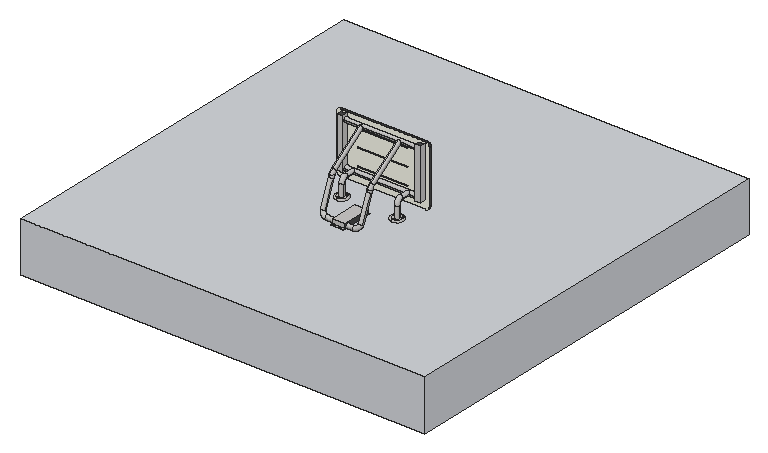
Revit family
Parameters (values of type "B-5192")
  Width = 22"
  URL = "http://www.bobrick.com/Pages/default.aspx"
  Type Comments = ""
  Specification = "Folding shower seat shall have a frame constructed of type-304, satin-finish stainless steel that consists of 16-gauge (1.6mm), 1-1/4'' (30mm) square tubing and 18-gauge (1.2mm), 1'' (25mm) diameter seamless tubing. Seat shall be one‑piece, 5/16\" (8mm) thick, solidly fused plastic laminate with matte-finish melamine surfaces, ivory-colored face sheets, and black phenolicresin core; secured to frame with stainless steel carriage bolts and acorn nuts. Shower seat shall be equipped with two 3'' (75mm) diameter mounting flanges constructed of type-304, 3/16'' (5mm) thick, satin-finish stainless steel; a guide bracket constructed of type-304, 16-gauge (1.6mm), satin-finish stainless steel; and a spring constructed of type-301, 24-gauge (0.6mm) stainless steel that is spot-welded to a baseplate of type-304, heavy-gauge stainless steel. Seat shall be able to lock in upright position when not in use. Shower seat shall comply with accessible design guidelines (including ADAAG in the U.S.A.). Folding Shower Seat shall be Model B-5192 of Bobrick Washroom Equipment, Inc., Clifton Park, New York; Jackson, Tennessee; Los Angeles, California; Bobrick Washroom Equipment Company, Scarborough, Ontario; Bobrick Washroom Equipment Pty. Ltd., Australia; and Bobrick Washroom Equipment Limited, United Kingdom."
  Safety Warning = "SAFETY WARNING: Shower seats are no stronger than the anchors and walls to which they are attached and must be firmly secured in order to support the loads for which they are intended. Consult and comply with local building codes. To avoid potential injury, the building owner or maintenance personnel should remove the shower seat from service if the shower seat is not adequately secured to the wall. Unit shall support static loads of up to 500 lbs (227 kg) when properly installed and used. To avoid potential seat malfunction, DO NOT use seat if weight exceeds 500 lbs (227 kg)."
  Price = "Prices may vary. Please consult Manufacturer Representative for most up-to-date price list."  # constant formula
  Phone Number = "416-250-5656"  # constant formula
  Omniclass Table 23 Title = "General Furniture and Specialties"  # constant formula
  Omniclass Table 23 Code = "23.40.20.00"  # constant formula
  Model = "B-5192"
  Material = Phenolic-Bobrick-Matte-Ivory
  Masterformat Title = "Healthcare Seating"  # constant formula
  Masterformat Number = "12 52 70"  # constant formula
  Manufacturer = "Bobrick"
  Length = 15 13/16"
  Installation Type = "Wall Mounted"
  Height = 13 3/4"
  Description = "Bobrick Solid Phenolic Folding Shower/Dressing Area Seat"
  Default Elevation = 17"
  Creation Date = "06/09/2015"  # constant formula
  Created By = "Allied Technical Services"  # constant formula
  Assembly Code = "E1020810"
  ATS URL = "http://www.atsspec.net"
  ADA Compliant = yes
Reference planes (in)
  plane 1 "Center (Front/Back)": y = 0
  plane 2: z = 0
  plane 3 "Center (Left/Right)": x = 0
  plane 4: z = 15.8125
  plane 5: x = 11
  plane 6: x = -11
  plane 7: x = -6.5625
  plane 8: x = 6.5625
  plane 9: x = 6.5625
  plane 10: x = -6.5625
  plane 11: y = -4.375
  plane 12: y = -13.75
  plane 13: y = -6.5
  plane 14: x = 1.125
  plane 15: x = -1.125
  plane 16: z = 1.375
  plane 17: y = -17
  plane 18: x = 9.1875
  plane 19: y = -0.94013
  plane 20: z = 5.375
Forms (in)
  Extrusion 1, solid
    sketch origin (0, 0, 0) x (1, 0, 0) y (0, 1, 0)
      loop
        line (-48, 48) -> (-48, -48) -> (48, -48) -> (48, 48) -> (-48, 48)
    from 0 to -12
  Extrusion 2, solid, material "Phenolic-Bobrick-Matte-Ivory" <- "Material"
    sketch origin (0, 0, 0) x (1, 0, 0) y (0, 0, 1)
      loop
        line (10, 15.8125) -> (-10, 15.8125)
        arc (-10, 15.8125) -> (-10.70711, 15.51961) -> (-11, 14.8125) r 1
        line (-11, 14.8125) -> (-11, 2.375)
        arc (-11, 2.375) -> (-10.70711, 1.66789) -> (-10, 1.375) r 1
        line (-10, 1.375) -> (10, 1.375)
        arc (10, 1.375) -> (10.70711, 1.66789) -> (11, 2.375) r 1
        line (11, 2.375) -> (11, 14.8125)
        arc (11, 14.8125) -> (10.70711, 15.51961) -> (10, 15.8125) r 1
      loop
        line (5.79542, 13.20791) -> (-5.79542, 13.20791)
        arc (-5.79542, 13.20791) -> (-6.04542, 12.95791) -> (-5.79542, 12.70791) r 0.25
        line (-5.79542, 12.70791) -> (5.79542, 12.70791)
        arc (5.79542, 12.70791) -> (6.04542, 12.95791) -> (5.79542, 13.20791) r 0.25
      loop
        line (5.79542, 9.20791) -> (-5.79542, 9.20791)
        arc (-5.79542, 9.20791) -> (-6.04542, 8.95791) -> (-5.79542, 8.70791) r 0.25
        line (-5.79542, 8.70791) -> (5.79542, 8.70791)
        arc (5.79542, 8.70791) -> (6.04542, 8.95791) -> (5.79542, 9.20791) r 0.25
      loop
        line (5.79542, 5.14541) -> (-5.79542, 5.14541)
        arc (-5.79542, 5.14541) -> (-6.04542, 4.89541) -> (-5.79542, 4.64541) r 0.25
        line (-5.79542, 4.64541) -> (5.79542, 4.64541)
        arc (5.79542, 4.64541) -> (6.04542, 4.89541) -> (5.79542, 5.14541) r 0.25
    from 0 to 0.3125
  Extrusion 3, solid, material "Stainless Steel-Bobrick-Type 304-Satin"
    sketch origin (0, 0.1875, 0.75) x (1, 0, 0) y (0, 1, 0)
      loop
        line (-8.5625, -0.5) -> (-9.8125, -0.5) -> (-9.8125, -1.75) -> (-8.5625, -1.75) -> (-8.5625, -0.5)
      loop
        line (8.5625, -0.5) -> (8.5625, -1.75) -> (9.8125, -1.75) -> (9.8125, -0.5) -> (8.5625, -0.5)
    from 2.51548 to 14.51548
  Revolve 4, solid, material "Stainless Steel-Bobrick-Type 304-Satin"
    sketch origin (-6.5625, 0, 0) x (0, 1, 0) y (0, 0, 1)
      loop
        line (-4.375, 0) -> (-2.875, 0)
        arc (-2.875, 0) -> (-2.94822, 0.17678) -> (-3.125, 0.25) r 0.25
        line (-3.125, 0.25) -> (-4.375, 0.25) -> (-4.375, 0)
      axis (-4.375, 0.25) -> (-4.375, 0)
    angle from 0 to 360
  Revolve 5, solid, material "Stainless Steel-Bobrick-Type 304-Satin"
    sketch origin (6.5625, 0, 0) x (0, 1, 0) y (0, 0, -1)
      loop
        line (-4.375, 0) -> (-4.375, -0.25) -> (-3.125, -0.25)
        arc (-3.125, -0.25) -> (-2.94822, -0.17678) -> (-2.875, 0) r 0.25
        line (-2.875, 0) -> (-4.375, 0)
      axis (-4.375, -0.25) -> (-4.375, 0)
    angle from 0 to 360
  Sweep 6, solid, material "Stainless Steel-Bobrick-Type 304-Satin"
    path origin (6.5625, 0, 0) x (0, 1, 0) y (0, 0, 1)
      loop
        line (-4.375, 0) -> (-4.375, 3)
        arc (-4.375, 3) -> (-4.08211, 3.70711) -> (-3.375, 4) r 1
        line (-3.375, 4) -> (-0.94013, 4)
    profile origin (6.5625, -4.375, 1.5) x (0, -1, 0) y (1, 0, 0)
      loop
        circle (0, 0) r 0.5
  Extrusion 7, solid, material "Stainless Steel-Bobrick-Type 304-Satin"
    sketch origin (0, 0.3125, 0) x (0, 1, 0) y (0, 0, 1)
      loop
        circle (-1.25263, 3.99038) r 0.5172
    from -8.9545 to 9.47959
  Sweep 8, solid, material "Stainless Steel-Bobrick-Type 304-Satin"
    path origin (-6.5625, 0, 0) x (0, 1, 0) y (0, 0, -1)
      loop
        line (-4.375, 0) -> (-4.375, -3)
        arc (-4.375, -3) -> (-4.08211, -3.70711) -> (-3.375, -4) r 1
        line (-3.375, -4) -> (-0.94013, -4)
    profile origin (-6.5625, -4.375, 1.5) x (0, 1, 0) y (-1, 0, 0)
      loop
        circle (0, 0) r 0.5
  Sweep 9, solid, material "Stainless Steel-Bobrick-Type 304-Satin"
    path origin (0, 0.25, 0.1875) x (0, 1, 0) y (0, 0, 1)
      loop
        line (-1.19013, 14.16704) -> (-9.64596, 8.46351)
        arc (-9.64596, 8.46351) -> (-9.97289, 8.16393) -> (-10.19794, 7.78186) r 1.5
        line (-10.19794, 7.78186) -> (-10.39032, 7.3057)
    profile origin (0, -10.04413, 7.73128) x (0, 0.927184, -0.374607) y (1, 0, 0)
      loop
        circle (0, -4.5) r 0.5
  Extrusion 10, solid, material "Stainless Steel-Bobrick-Type 304-Satin"
    sketch origin (0, 0.3125, 18.32783) x (0, 1, 0) y (0, 0, 1)
      loop
        circle (-1.25263, -3.99038) r 0.5172
    from -8.9545 to 9.47959
  Sweep 11, solid, material "Stainless Steel-Bobrick-Type 304-Satin"
    path origin (0, -6.39004, 16.77548) x (1, 0, 0) y (0, 0.374607, 0.927184)
      loop
        line (-4.5, -10.01126) -> (-4.5, -16.26126)
        arc (-4.5, -16.26126) -> (-4.13388, -17.14514) -> (-3.25, -17.51126) r 1.25
        line (-3.25, -17.51126) -> (3.25, -17.51126)
        arc (3.25, -17.51126) -> (4.13388, -17.14514) -> (4.5, -16.26126) r 1.25
        line (4.5, -16.26126) -> (4.5, -10.01126)
    profile origin (-4.5, -11.31097, 4.59575) x (1, 0, 0) y (0, -0.927184, 0.374607)
      loop
        circle (0, 0) r 0.5
  Extrusion 12, solid, material "Stainless Steel-Bobrick-Type 304-Satin"
    sketch origin (-1.5, 0.19528, 0) x (0, 1, 0) y (0, 0, 1)
      loop
        line (-6.44528, 0) -> (-6.44528, 0.125) -> (-6.94528, 0.125) -> (-6.94528, 1.125) -> (-13.69528, 1.125) -> (-13.69528, 0.125) -> (-14.19528, 0.125) -> (-14.19528, 0) -> (-6.44528, 0)
    from 0 to 3
  Sweep 13, solid, material "Stainless Steel-Bobrick-Type 304-Satin"
    path origin (0, 0.25, 0.1875) x (0, 1, 0) y (0, 0, -1)
      loop
        line (-1.19013, -14.16704) -> (-9.64596, -8.46351)
        arc (-9.64596, -8.46351) -> (-9.97289, -8.16393) -> (-10.19794, -7.78186) r 1.5
        line (-10.19794, -7.78186) -> (-10.39032, -7.3057)
    profile origin (0, -10.04413, 7.73128) x (0, -0.927184, 0.374607) y (-1, 0, 0)
      loop
        circle (0, -4.5) r 0.5
  Revolve 14, solid, material "Stainless Steel-Bobrick-Type 304-Satin"
    sketch origin (-1.125, 0, 0) x (0, 1, 0) y (0, 0, 1)
      loop
        line (-6.5, 0.125) -> (-6.375, 0.125)
        arc (-6.375, 0.125) -> (-6.38969, 0.18379) -> (-6.4303, 0.22876) r 0.125
        line (-6.4303, 0.22876) -> (-6.46682, 0.17439) -> (-6.5, 0.17439) -> (-6.5, 0.125)
      axis (-6.5, 0.22876) -> (-6.5, 0.125)
    angle from 0 to 360
  Revolve 15, solid, material "Stainless Steel-Bobrick-Type 304-Satin"
    sketch origin (1.125, 0, 0) x (0, 1, 0) y (0, 0, -1)
      loop
        line (-6.5, -0.125) -> (-6.5, -0.17439) -> (-6.46682, -0.17439) -> (-6.4303, -0.22876)
        arc (-6.4303, -0.22876) -> (-6.38969, -0.18379) -> (-6.375, -0.125) r 0.125
        line (-6.375, -0.125) -> (-6.5, -0.125)
      axis (-6.5, -0.22876) -> (-6.5, -0.125)
    angle from 0 to 360
  Revolve 16, solid, material "Stainless Steel-Bobrick-Type 304-Satin"
    sketch origin (-1.125, -20.25, 0) x (0, -1, 0) y (0, 0, -1)
      loop
        line (-6.5, -0.125) -> (-6.5, -0.17439) -> (-6.46682, -0.17439) -> (-6.4303, -0.22876)
        arc (-6.4303, -0.22876) -> (-6.38969, -0.18379) -> (-6.375, -0.125) r 0.125
        line (-6.375, -0.125) -> (-6.5, -0.125)
      axis (-6.5, -0.22876) -> (-6.5, -0.125)
    angle from 0 to 360
  Revolve 17, solid, material "Stainless Steel-Bobrick-Type 304-Satin"
    sketch origin (1.125, -20.25, 0) x (0, -1, 0) y (0, 0, 1)
      loop
        line (-6.5, 0.125) -> (-6.375, 0.125)
        arc (-6.375, 0.125) -> (-6.38969, 0.18379) -> (-6.4303, 0.22876) r 0.125
        line (-6.4303, 0.22876) -> (-6.46682, 0.17439) -> (-6.5, 0.17439) -> (-6.5, 0.125)
      axis (-6.5, 0.22876) -> (-6.5, 0.125)
    angle from 0 to 360
  Revolve 18, solid, material "Stainless Steel-Bobrick-Type 304-Satin"
    sketch origin (-6.5625, 1, 0.125) x (0, 1, 0) y (0, 0, 1)
      loop
        line (-6.5, 0.125) -> (-6.375, 0.125)
        arc (-6.375, 0.125) -> (-6.38969, 0.18379) -> (-6.4303, 0.22876) r 0.125
        line (-6.4303, 0.22876) -> (-6.46682, 0.17439) -> (-6.5, 0.17439) -> (-6.5, 0.125)
      axis (-6.5, 0.22876) -> (-6.5, 0.125)
    angle from 0 to 360
  Revolve 19, solid, material "Stainless Steel-Bobrick-Type 304-Satin"
    sketch origin (-7.56057, 2.55928, 0.125) x (0, 1, 0) y (0, 0, 1)
      loop
        line (-6.5, 0.125) -> (-6.375, 0.125)
        arc (-6.375, 0.125) -> (-6.38969, 0.18379) -> (-6.4303, 0.22876) r 0.125
        line (-6.4303, 0.22876) -> (-6.46682, 0.17439) -> (-6.5, 0.17439) -> (-6.5, 0.125)
      axis (-6.5, 0.22876) -> (-6.5, 0.125)
    angle from 0 to 360
  Revolve 20, solid, material "Stainless Steel-Bobrick-Type 304-Satin"
    sketch origin (-5.56443, 2.55928, 0.125) x (0, 1, 0) y (0, 0, -1)
      loop
        line (-6.5, -0.125) -> (-6.5, -0.17439) -> (-6.46682, -0.17439) -> (-6.4303, -0.22876)
        arc (-6.4303, -0.22876) -> (-6.38969, -0.18379) -> (-6.375, -0.125) r 0.125
        line (-6.375, -0.125) -> (-6.5, -0.125)
      axis (-6.5, -0.22876) -> (-6.5, -0.125)
    angle from 0 to 360
  Revolve 21, solid, material "Stainless Steel-Bobrick-Type 304-Satin"
    sketch origin (6.5625, 1, 0.125) x (0, 1, 0) y (0, 0, -1)
      loop
        line (-6.5, -0.125) -> (-6.5, -0.17439) -> (-6.46682, -0.17439) -> (-6.4303, -0.22876)
        arc (-6.4303, -0.22876) -> (-6.38969, -0.18379) -> (-6.375, -0.125) r 0.125
        line (-6.375, -0.125) -> (-6.5, -0.125)
      axis (-6.5, -0.22876) -> (-6.5, -0.125)
    angle from 0 to 360
  Revolve 22, solid, material "Stainless Steel-Bobrick-Type 304-Satin"
    sketch origin (7.56057, 2.55928, 0.125) x (0, 1, 0) y (0, 0, -1)
      loop
        line (-6.5, -0.125) -> (-6.5, -0.17439) -> (-6.46682, -0.17439) -> (-6.4303, -0.22876)
        arc (-6.4303, -0.22876) -> (-6.38969, -0.18379) -> (-6.375, -0.125) r 0.125
        line (-6.375, -0.125) -> (-6.5, -0.125)
      axis (-6.5, -0.22876) -> (-6.5, -0.125)
    angle from 0 to 360
  Revolve 23, solid, material "Stainless Steel-Bobrick-Type 304-Satin"
    sketch origin (5.56443, 2.55928, 0.125) x (0, 1, 0) y (0, 0, 1)
      loop
        line (-6.5, 0.125) -> (-6.375, 0.125)
        arc (-6.375, 0.125) -> (-6.38969, 0.18379) -> (-6.4303, 0.22876) r 0.125
        line (-6.4303, 0.22876) -> (-6.46682, 0.17439) -> (-6.5, 0.17439) -> (-6.5, 0.125)
      axis (-6.5, 0.22876) -> (-6.5, 0.125)
    angle from 0 to 360
  Revolve 24, solid, material "Phenolic-Bobrick-Matte-Ivory" <- "Material"
    sketch origin (0, 0, 5.375) x (1, 0, 0) y (0, 1, 0)
      loop
        line (9.1875, 0) -> (9.1875, 0.03481) -> (9.11975, 0.03481) -> (9.04701, 0.09164)
        arc (9.04701, 0.09164) -> (8.98695, 0.05216) -> (8.9375, 0) r 0.3125
        line (8.9375, 0) -> (9.1875, 0)
      axis (9.1875, 0.09164) -> (9.1875, 0)
    angle from 0 to 360
  Revolve 25, solid, material "Phenolic-Bobrick-Matte-Ivory" <- "Material"
    sketch origin (0, 0, 13.15595) x (0, -1, 0) y (1, 0, 0)
      loop
        line (0, 9.1875) -> (-0.03481, 9.1875) -> (-0.03481, 9.11975) -> (-0.09164, 9.04701)
        arc (-0.09164, 9.04701) -> (-0.05216, 8.98695) -> (0, 8.9375) r 0.3125
        line (0, 8.9375) -> (0, 9.1875)
      axis (-0.09164, 9.1875) -> (0, 9.1875)
    angle from 0 to 360
  Revolve 26, solid, material "Phenolic-Bobrick-Matte-Ivory" <- "Material"
    sketch origin (0, 0, 5.375) x (-1, 0, 0) y (0, -1, 0)
      loop
        line (9.1875, 0) -> (8.9375, 0)
        arc (8.9375, 0) -> (8.98695, -0.05216) -> (9.04701, -0.09164) r 0.3125
        line (9.04701, -0.09164) -> (9.11975, -0.03481) -> (9.1875, -0.03481) -> (9.1875, 0)
      axis (9.1875, -0.09164) -> (9.1875, 0)
    angle from 0 to 360
  Revolve 27, solid, material "Phenolic-Bobrick-Matte-Ivory" <- "Material"
    sketch origin (0, 0, 13.15595) x (0, 1, 0) y (-1, 0, 0)
      loop
        line (0, 9.1875) -> (0, 8.9375)
        arc (0, 8.9375) -> (0.05216, 8.98695) -> (0.09164, 9.04701) r 0.3125
        line (0.09164, 9.04701) -> (0.03481, 9.11975) -> (0.03481, 9.1875) -> (0, 9.1875)
      axis (0.09164, 9.1875) -> (0, 9.1875)
    angle from 0 to 360
Cuts and joins
  joined: Extrusion 3, Revolve 4, Revolve 5, Sweep 6, Extrusion 7, Sweep 8, Sweep 9, Extrusion 10, Sweep 11, Extrusion 12, Sweep 13, Revolve 14, Revolve 15, Revolve 16, Revolve 17, Revolve 18, Revolve 19, Revolve 20, Revolve 21, Revolve 22, Revolve 23
  joined: Extrusion 2, Revolve 24, Revolve 25, Revolve 26, Revolve 27
Lines and regions (in)
  Masking region 1
    outline origin (0, 0, 0) x (1, 0, 0) y (0, 1, 0)
      loop
        line (-11, 0) -> (-11, -0.3125) -> (-9.8125, -0.3125) -> (-9.8125, -1.5625) -> (-8.5625, -1.5625) -> (-8.5625, -1.45733) -> (-7.0625, -1.45733) -> (-7.0625, -2.96079)
        arc (-7.0625, -2.96079) -> (-6.5625, -5.875) -> (-6.0625, -2.96079) r 1.5
        line (-6.0625, -2.96079) -> (-6.0625, -1.45733) -> (-4.99993, -1.45733) -> (-4.99993, -12.44987)
        arc (-4.99993, -12.44987) -> (-4.70704, -13.15698) -> (-3.99993, -13.44987) r 1
        line (-3.99993, -13.44987) -> (-1.5, -13.44987) -> (-1.5, -14) -> (1.5, -14) -> (1.5, -13.44987) -> (3.99993, -13.44987)
        arc (3.99993, -13.44987) -> (4.70704, -13.15698) -> (4.99993, -12.44987) r 1
        line (4.99993, -12.44987) -> (4.99993, -1.45724) -> (6.0625, -1.45724) -> (6.0625, -2.96079)
        arc (6.0625, -2.96079) -> (6.5625, -5.875) -> (7.0625, -2.96079) r 1.5
        line (7.0625, -2.96079) -> (7.0625, -1.45733) -> (8.5625, -1.45733) -> (8.5625, -1.5625) -> (9.8125, -1.5625) -> (9.8125, -0.3125) -> (11, -0.3125) -> (11, 0) -> (9.41963, 0)
        arc (9.41963, 0) -> (9.39279, 0.0648) -> (9.32799, 0.09164) r 0.09164
        line (9.32799, 0.09164) -> (9.04701, 0.09164)
        arc (9.04701, 0.09164) -> (8.98221, 0.0648) -> (8.95537, 0) r 0.09164
        line (8.95537, 0) -> (-8.95537, 0)
        arc (-8.95537, 0) -> (-8.98221, 0.0648) -> (-9.04701, 0.09164) r 0.09164
        line (-9.04701, 0.09164) -> (-9.32799, 0.09164)
        arc (-9.32799, 0.09164) -> (-9.39279, 0.0648) -> (-9.41963, 0) r 0.09164
        line (-9.41963, 0) -> (-11, 0)
      loop
        line (-3.99993, -1.45733) -> (-3.99993, -11.94987)
        arc (-3.99993, -11.94987) -> (-3.85349, -12.30343) -> (-3.49993, -12.44987) r 0.5
        line (-3.49993, -12.44987) -> (-1.5, -12.44987) -> (-1.5, -6.25) -> (1.5, -6.25) -> (1.5, -12.44987) -> (3.49993, -12.44987)
        arc (3.49993, -12.44987) -> (3.85349, -12.30343) -> (3.99993, -11.94987) r 0.5
        line (3.99993, -11.94987) -> (3.99993, -1.45733) -> (-3.99993, -1.45733)
  Masking region 2
    outline origin (0, 0, 0) x (1, 0, 0) y (0, 0, 1)
      loop
        line (10, 15.8125) -> (-10, 15.8125)
        arc (-10, 15.8125) -> (-10.70711, 15.51961) -> (-11, 14.8125) r 1
        line (-11, 14.8125) -> (-11, 2.375)
        arc (-11, 2.375) -> (-10.70711, 1.66789) -> (-10, 1.375) r 1
        line (-10, 1.375) -> (-7.0625, 1.375) -> (-7.0625, 0.25) -> (-7.43557, 0.25)
        arc (-7.43557, 0.25) -> (-7.45116, 0.30831) -> (-7.49087, 0.35376) r 0.13326
        line (-7.49087, 0.35376) -> (-7.63028, 0.35376)
        arc (-7.63028, 0.35376) -> (-7.66966, 0.30813) -> (-7.68557, 0.25) r 0.13662
        line (-7.68557, 0.25) -> (-7.81239, 0.25)
        arc (-7.81239, 0.25) -> (-7.98917, 0.17678) -> (-8.06239, 0) r 0.25
        line (-8.06239, 0) -> (-5.06261, 0)
        arc (-5.06261, 0) -> (-5.13583, 0.17678) -> (-5.31261, 0.25) r 0.25
        line (-5.31261, 0.25) -> (-5.43943, 0.25)
        arc (-5.43943, 0.25) -> (-5.45534, 0.30813) -> (-5.49472, 0.35376) r 0.13662
        line (-5.49472, 0.35376) -> (-5.63413, 0.35376)
        arc (-5.63413, 0.35376) -> (-5.67384, 0.30831) -> (-5.68943, 0.25) r 0.13326
        line (-5.68943, 0.25) -> (-6.0625, 0.25) -> (-6.0625, 1.375) -> (-4.96357, 1.375)
        arc (-4.96357, 1.375) -> (-4.35238, 0.41367) -> (-3.27647, 0.03933) r 1.73334
        line (-3.27647, 0.03933) -> (-1.5, 0.03933) -> (-1.5, 0) -> (1.5, 0) -> (1.5, 0.03933) -> (3.27647, 0.03933)
        arc (3.27647, 0.03933) -> (4.35238, 0.41367) -> (4.96357, 1.375) r 1.73334
        line (4.96357, 1.375) -> (6.0625, 1.375) -> (6.0625, 0.25) -> (5.68943, 0.25)
        arc (5.68943, 0.25) -> (5.67384, 0.30831) -> (5.63413, 0.35376) r 0.13326
        line (5.63413, 0.35376) -> (5.49472, 0.35376)
        arc (5.49472, 0.35376) -> (5.45534, 0.30813) -> (5.43943, 0.25) r 0.13662
        line (5.43943, 0.25) -> (5.31261, 0.25)
        arc (5.31261, 0.25) -> (5.13583, 0.17678) -> (5.06261, 0) r 0.25
        line (5.06261, 0) -> (8.06239, 0)
        arc (8.06239, 0) -> (7.98917, 0.17678) -> (7.81239, 0.25) r 0.25
        line (7.81239, 0.25) -> (7.68557, 0.25)
        arc (7.68557, 0.25) -> (7.66966, 0.30813) -> (7.63028, 0.35376) r 0.13662
        line (7.63028, 0.35376) -> (7.49087, 0.35376)
        arc (7.49087, 0.35376) -> (7.45116, 0.30831) -> (7.43557, 0.25) r 0.13326
        line (7.43557, 0.25) -> (7.0625, 0.25) -> (7.0625, 1.375) -> (10, 1.375)
        arc (10, 1.375) -> (10.70711, 1.66789) -> (11, 2.375) r 1
        line (11, 2.375) -> (11, 14.8125)
        arc (11, 14.8125) -> (10.70711, 15.51961) -> (10, 15.8125) r 1
  Masking region 3
    outline origin (0, 0, 0) x (0, 1, 0) y (0, 0, 1)
      loop
        line (-0.3125, 3.26548) -> (-0.3125, 1.375) -> (0, 1.375) -> (0, 5.125)
        arc (0, 5.125) -> (0.05118, 5.17527) -> (0.09164, 5.23451) r 0.36806
        line (0.09164, 5.23451) -> (0.09164, 5.51549)
        arc (0.09164, 5.51549) -> (0.05118, 5.57473) -> (0, 5.625) r 0.36806
        line (0, 5.625) -> (0, 12.90595)
        arc (0, 12.90595) -> (0.05118, 12.95622) -> (0.09164, 13.01546) r 0.36806
        line (0.09164, 13.01546) -> (0.09164, 13.29645)
        arc (0.09164, 13.29645) -> (0.05118, 13.35568) -> (0, 13.40595) r 0.36806
        line (0, 13.40595) -> (0, 15.8125) -> (-0.3125, 15.8125) -> (-0.3125, 15.26548) -> (-1.5625, 15.26548) -> (-1.5625, 14.53809) -> (-9.67847, 9.0638)
        arc (-9.67847, 9.0638) -> (-10.11176, 8.66676) -> (-10.41003, 8.16039) r 1.988
        line (-10.41003, 8.16039) -> (-13.25251, 1.125) -> (-13.5, 1.125) -> (-13.5, 0.125) -> (-13.625, 0.125)
        arc (-13.625, 0.125) -> (-13.63965, 0.18381) -> (-13.6803, 0.22876) r 0.12466
        line (-13.6803, 0.22876) -> (-13.8197, 0.22876)
        arc (-13.8197, 0.22876) -> (-13.86058, 0.18393) -> (-13.875, 0.125) r 0.12279
        line (-13.875, 0.125) -> (-14, 0.125) -> (-14, 0) -> (-6.25, 0) -> (-6.25, 0.125) -> (-6.375, 0.125)
        arc (-6.375, 0.125) -> (-6.38942, 0.18393) -> (-6.4303, 0.22876) r 0.12279
        line (-6.4303, 0.22876) -> (-6.5697, 0.22876)
        arc (-6.5697, 0.22876) -> (-6.61035, 0.18381) -> (-6.625, 0.125) r 0.12466
        line (-6.625, 0.125) -> (-6.75, 0.125) -> (-6.75, 1.125) -> (-12.17398, 1.125) -> (-9.48483, 7.78088)
        arc (-9.48483, 7.78088) -> (-9.33371, 8.03743) -> (-9.11419, 8.23858) r 1.00719
        line (-9.11419, 8.23858) -> (-1.5625, 13.33226) -> (-1.5625, 4.5) -> (-3.375, 4.5)
        arc (-3.375, 4.5) -> (-4.43566, 4.06066) -> (-4.875, 3) r 1.5
        line (-4.875, 3) -> (-4.875, 0.25) -> (-5.375, 0.25)
        arc (-5.375, 0.25) -> (-5.3894, 0.30894) -> (-5.4303, 0.35376) r 0.12259
        line (-5.4303, 0.35376) -> (-5.5697, 0.35376)
        arc (-5.5697, 0.35376) -> (-5.6113, 0.30902) -> (-5.62708, 0.25) r 0.12653
        arc (-5.62708, 0.25) -> (-5.80312, 0.17665) -> (-5.875, 0) r 0.24793
        line (-5.875, 0) -> (-2.875, 0)
        arc (-2.875, 0) -> (-2.94688, 0.17665) -> (-3.12292, 0.25) r 0.24793
        line (-3.12292, 0.25) -> (-3.81572, 0.25)
        arc (-3.81572, 0.25) -> (-3.83037, 0.31044) -> (-3.875, 0.35376) r 0.11205
        line (-3.875, 0.35376) -> (-3.875, 3)
        arc (-3.875, 3) -> (-3.72855, 3.35355) -> (-3.375, 3.5) r 0.5
        line (-3.375, 3.5) -> (-1.5625, 3.5) -> (-1.5625, 3.26548) -> (-0.3125, 3.26548)
  symbolic lines, detail levels medium+fine
    curve 1: line (-9.8125, -0.3125, 0) -> (9.8125, -0.3125, 0)
    curve 2: line (8.5625, -0.3125, 0) -> (8.5625, -1.45733, 0)
    curve 3: line (-8.5625, -0.3125, 0) -> (-8.5625, -1.45733, 0)
    curve 4: line (-7.0625, -1.45724, 0) -> (-6.0625, -1.45724, 0)
    curve 5: arc (-6.0625, -4.375, 0) -> (-6.5625, -4.875, 0) -> (-7.0625, -4.375, 0) r 0.5
    curve 16: line (-1.5, -13.5, 0) -> (1.5, -13.5, 0)
    curve 17: line (1.5, -6.75, 0) -> (-1.5, -6.75, 0)
    curve 18: line (-8.5625, -0.41932, 0) -> (8.5625, -0.41932, 0)
    curve 19: line (-9.4375, 0, 0) -> (-8.9375, 0, 0)
    curve 20: line (8.9375, 0, 0) -> (9.4375, 0, 0)
    curve 21: line (-1.5, -12.44987, 0) -> (-1.5, -13.44987, 0)
    curve 22: line (1.5, -12.44987, 0) -> (1.5, -13.44987, 0)
    curve 23: line (-4.91755, -1.45733, 0) -> (-4.5, -1.27398, 0)
    curve 24: line (-4.5, -1.27398, 0) -> (-4.08245, -1.45733, 0)
    curve 25: line (-7.0625, -4.375, 0) -> (-7.0625, -2.96079, 0)
    curve 26: line (-6.0625, -4.375, 0) -> (-6.0625, -2.96079, 0)
    curve 27: arc (6.0625, -4.375, 0) -> (6.5625, -4.875, 0) -> (7.0625, -4.375, 0) r 0.5
    curve 34: line (7.0625, -4.375, 0) -> (7.0625, -2.96079, 0)
    curve 35: line (6.0625, -4.375, 0) -> (6.0625, -2.96079, 0)
    curve 36: line (-4.99993, -1.45733, 0) -> (-4.91755, -1.45733, 0)
    curve 37: line (-4.08245, -1.45733, 0) -> (-3.99993, -1.45733, 0)
    curve 38: line (7.0625, -1.45724, 0) -> (6.0625, -1.45724, 0)
    curve 39: line (4.91755, -1.45733, 0) -> (4.5, -1.27398, 0)
    curve 40: line (4.5, -1.27398, 0) -> (4.08245, -1.45733, 0)
    curve 41: line (4.99993, -1.45733, 0) -> (4.91755, -1.45733, 0)
    curve 42: line (4.08245, -1.45733, 0) -> (3.99993, -1.45733, 0)
    curve 47: line (7.68557, 0, 0.25) -> (7.43557, 0, 0.25)
    curve 48: line (7.0625, 0, 0.25) -> (6.0625, 0, 0.25)
    curve 49: line (-4.96357, 0, 1.375) -> (4.96357, 0, 1.375)
    curve 50: line (1.5, 0, 1.125) -> (1.5, 0, 0.03933)
    curve 51: line (1.5, 0, 0.125) -> (-1.5, 0, 0.125)
    curve 55: line (1.5, 0, 1.125) -> (-1.5, 0, 1.125)
    curve 56: line (1.5, 0, 1.04066) -> (3.28168, 0, 1.04066)
    curve 57: arc (3.28168, 0, 1.04066) -> (3.63414, 0, 1.12956) -> (3.90226, 0, 1.375) r 0.7431
    curve 58: line (-1.5, 0, 1.04066) -> (-3.28168, 0, 1.04066)
    curve 59: arc (-3.28168, 0, 1.04066) -> (-3.63414, 0, 1.12956) -> (-3.90226, 0, 1.375) r 0.7431
    curve 60: line (-1.5, 0, 1.125) -> (-1.5, 0, 0.03933)
    curve 64: arc (5.79542, 0, 5.14541) -> (6.04542, 0, 4.89541) -> (5.79542, 0, 4.64541) r 0.25
    curve 65: line (-5.79542, 0, 5.14541) -> (5.79542, 0, 5.14541)
    curve 66: line (5.79542, 0, 4.64541) -> (-5.79542, 0, 4.64541)
    curve 67: arc (-5.79542, 0, 4.64541) -> (-6.04542, 0, 4.89541) -> (-5.79542, 0, 5.14541) r 0.25
    curve 68: arc (5.79542, 0, 9.20791) -> (6.04542, 0, 8.95791) -> (5.79542, 0, 8.70791) r 0.25
    curve 69: line (-5.79542, 0, 9.20791) -> (5.79542, 0, 9.20791)
    curve 70: line (5.79542, 0, 8.70791) -> (-5.79542, 0, 8.70791)
    curve 71: arc (-5.79542, 0, 8.70791) -> (-6.04542, 0, 8.95791) -> (-5.79542, 0, 9.20791) r 0.25
    curve 72: arc (-5.79542, 0, 12.70791) -> (-6.04542, 0, 12.95791) -> (-5.79542, 0, 13.20791) r 0.25
    curve 73: line (-5.79542, 0, 13.20791) -> (5.79542, 0, 13.20791)
    curve 74: line (5.79542, 0, 12.70791) -> (-5.79542, 0, 12.70791)
    curve 75: arc (5.79542, 0, 13.20791) -> (6.04542, 0, 12.95791) -> (5.79542, 0, 12.70791) r 0.25
    curve 92: line (5.43943, 0, 0.25) -> (5.68943, 0, 0.25)
    curve 93: line (-7.68557, 0, 0.25) -> (-7.43557, 0, 0.25)
    curve 94: line (-7.0625, 0, 0.25) -> (-6.0625, 0, 0.25)
    curve 95: line (-5.43943, 0, 0.25) -> (-5.68943, 0, 0.25)
    curve 100: line (7.0625, 0, 1.375) -> (6.0625, 0, 1.375)
    curve 101: line (-6.0625, 0, 1.375) -> (-7.0625, 0, 1.375)
    curve 102: line (0, -0.3125, 15.26548) -> (0, -0.3125, 3.26548)
    curve 103: line (0, 0, 5.625) -> (0, 0, 5.14541)
    curve 104: line (0, 0, 13.40595) -> (0, 0, 12.90595)
    curve 105: line (0, -1.5625, 3.5) -> (0, -1.5625, 4.5)
    curve 106: line (0, -1.5625, 13.33226) -> (0, -1.5625, 14.53809)
    curve 107: line (0, -4.875, 0.25) -> (0, -3.81572, 0.25)
    curve 108: line (0, -4.01042, 0.35376) -> (0, -3.87101, 0.35376)
    curve 109: arc (0, -4.01042, 0.35376) -> (0, -4.05097, 0.30876) -> (0, -4.06572, 0.25) r 0.1255
    curve 110: line (0, -5.375, 0.25) -> (0, -5.625, 0.25)
    curve 111: line (0, -6.375, 0.125) -> (0, -6.625, 0.125)
    curve 112: line (0, -13.625, 0.125) -> (0, -13.875, 0.125)
    curve 113: arc (0, -12.48628, 0.35202) -> (0, -13.13718, 0.07573) -> (0, -13.41347, 0.72663) r 0.5
    curve 114: line (0, -12.48628, 0.35202) -> (0, -12.17398, 1.125)
    curve 115: line (0, -13.41347, 0.72663) -> (0, -13.25251, 1.125)
  symbolic lines, detail levels fine
    curve 6: circle (-7.56057, -3.94072, 0) r 0.125 normal (0, 0, -1)
    curve 7: circle (-5.56443, -3.94072, 0) r 0.125 normal (0, 0, -1)
    curve 8: circle (-6.5625, -5.5, 0) r 0.0697 normal (0, 0, -1)
    curve 9: circle (-6.5625, -5.5, 0) r 0.125 normal (0, 0, -1)
    curve 10: circle (-7.56057, -3.94072, 0) r 0.0697 normal (0, 0, -1)
    curve 11: circle (-5.56443, -3.94072, 0) r 0.0697 normal (0, 0, -1)
    curve 12: circle (-1.125, -6.5, 0) r 0.125 normal (0, 0, -1)
    curve 13: circle (-1.125, -6.5, 0) r 0.0697 normal (0, 0, -1)
    curve 14: circle (-1.125, -13.75, 0) r 0.125 normal (0, 0, -1)
    curve 15: circle (-1.125, -13.75, 0) r 0.0697 normal (0, 0, -1)
    curve 28: circle (7.56057, -3.94072, 0) r 0.125 normal (0, 0, 1)
    curve 29: circle (5.56443, -3.94072, 0) r 0.125 normal (0, 0, 1)
    curve 30: circle (6.5625, -5.5, 0) r 0.0697 normal (0, 0, 1)
    curve 31: circle (6.5625, -5.5, 0) r 0.125 normal (0, 0, 1)
    curve 32: circle (7.56057, -3.94072, 0) r 0.0697 normal (0, 0, 1)
    curve 33: circle (5.56443, -3.94072, 0) r 0.0697 normal (0, 0, 1)
    curve 43: circle (1.125, -6.5, 0) r 0.125 normal (0, 0, 1)
    curve 44: circle (1.125, -6.5, 0) r 0.0697 normal (0, 0, 1)
    curve 45: circle (1.125, -13.75, 0) r 0.125 normal (0, 0, 1)
    curve 46: circle (1.125, -13.75, 0) r 0.0697 normal (0, 0, 1)
    curve 52: line (1.0553, 0, 0.22876) -> (1.1947, 0, 0.22876)
    curve 53: arc (1.1947, 0, 0.22876) -> (1.23622, 0, 0.18356) -> (1.25461, 0, 0.125) r 0.14106
    curve 54: arc (1.0553, 0, 0.22876) -> (1.01378, 0, 0.18356) -> (0.99539, 0, 0.125) r 0.14106
    curve 61: line (-1.0553, 0, 0.22876) -> (-1.1947, 0, 0.22876)
    curve 62: arc (-1.1947, 0, 0.22876) -> (-1.23622, 0, 0.18356) -> (-1.25461, 0, 0.125) r 0.14106
    curve 63: arc (-1.0553, 0, 0.22876) -> (-1.01378, 0, 0.18356) -> (-0.99539, 0, 0.125) r 0.14106
    curve 76: line (5.00167, 0, 13.20791) -> (5.00167, 0, 12.70791)
    curve 77: line (4.00167, 0, 12.70791) -> (4.00167, 0, 13.20791)
    curve 78: line (5.00167, 0, 9.20791) -> (5.00167, 0, 8.70791)
    curve 79: line (4.00167, 0, 8.70791) -> (4.00167, 0, 9.20791)
    curve 80: line (5.00167, 0, 5.14541) -> (5.00167, 0, 4.64541)
    curve 81: line (4.00167, 0, 4.64541) -> (4.00167, 0, 5.14541)
    curve 82: line (-5.00167, 0, 13.20791) -> (-5.00167, 0, 12.70791)
    curve 83: line (-4.00167, 0, 12.70791) -> (-4.00167, 0, 13.20791)
    curve 84: line (-5.00167, 0, 9.20791) -> (-5.00167, 0, 8.70791)
    curve 85: line (-4.00167, 0, 8.70791) -> (-4.00167, 0, 9.20791)
    curve 86: line (-5.00167, 0, 5.14541) -> (-5.00167, 0, 4.64541)
    curve 87: line (-4.00167, 0, 4.64541) -> (-4.00167, 0, 5.14541)
    curve 88: circle (9.1875, 0, 13.15595) r 0.25 normal (0, -1, 0)
    curve 89: circle (9.1875, 0, 13.15595) r 0.14049 normal (0, 1, 0)
    curve 90: circle (9.1875, 0, 5.375) r 0.25 normal (0, -1, 0)
    curve 91: circle (9.1875, 0, 5.375) r 0.14049 normal (0, 1, 0)
    curve 96: circle (-9.1875, 0, 13.15595) r 0.25 normal (0, 1, 0)
    curve 97: circle (-9.1875, 0, 13.15595) r 0.14049 normal (0, -1, 0)
    curve 98: circle (-9.1875, 0, 5.375) r 0.25 normal (0, 1, 0)
    curve 99: circle (-9.1875, 0, 5.375) r 0.14049 normal (0, -1, 0)
Dimensions and locks (in)
  plane 1 "Center (Front/Back)" to plane 11 = 4 3/8"
  plane 11 to plane 12 = 9 3/8"
  plane 13 to plane 12 = 7 1/4"
  "Default Elevation": plane 17 to plane 1 "Center (Front/Back)"
  "Width": plane 5 to plane 6
  "Length": Extrusion 1 to plane 4
  "Height": plane 1 "Center (Front/Back)" to plane 12
  "Default Elevation": plane 1 "Center (Front/Back)" to plane 17
  aligned and locked: plane 2 to Extrusion 1
  aligned and locked: level to Extrusion 1
Automatic sketch dimensions
  Extrusion 1 sketch curve to Extrusion 1 sketch curve = 96"  (x2)
  Extrusion 2 sketch curve to plane 6 = 0"
  Extrusion 2 sketch curve to plane 4 = 0"
  Extrusion 2 sketch curve to plane 16 = 0"
  Extrusion 2 sketch curve to plane 5 = 0"
  plane 6 to Extrusion 2 sketch curve = 1"  (x2)
  Extrusion 2 sketch curve to plane 7 = 0.76708"  (x3)
  Extrusion 2 sketch curve to plane 8 = 0.76708"  (x3)
  Extrusion 2 sketch curve to plane 20 = 0.22959"
  Extrusion 2 sketch curve to plane 18 = 13/16"  (x2)
  Extrusion 2 sketch curve to Extrusion 2 sketch curve = 1/2"
  plane 20 to Extrusion 2 sketch curve = 3.33291"
  Extrusion 2 sketch curve to Extrusion 2 sketch curve = 1/4"  (x2)
  Extrusion 2 sketch curve to plane 4 = 3.10459"
  plane 1 "Center (Front/Back)" to Extrusion 3 sketch curve = 5/16"  (x2)
  plane 6 to Extrusion 3 sketch curve = 1 3/16"
  Extrusion 3 sketch curve to plane 19 = 0.62237"  (x2)
  Extrusion 3 sketch curve to Extrusion 3 sketch curve = 1 1/4"
  plane 18 to Extrusion 3 sketch curve = 5/8"
  Extrusion 3 sketch curve to plane 18 = 5/8"
  Revolve 4 sketch curve to level = 0"
  Revolve 4 sketch curve to plane 11 = 0"  (x2)
  level to Revolve 4 sketch curve = 1/4"
  Revolve 4 sketch curve to Revolve 4 sketch curve = 1 1/4"
  Revolve 4 sketch curve to plane 16 = 0.26384"
  plane 16 to Revolve 4 sketch curve = 0.17993"
  Revolve 5 sketch curve to level = 0"
  Revolve 5 sketch curve to plane 11 = 0"  (x2)
  level to Revolve 5 sketch curve = 1/4"
  Revolve 5 sketch curve to Revolve 5 sketch curve = 1 1/4"
  Revolve 5 sketch curve to plane 16 = 0.26384"
  plane 16 to Revolve 5 sketch curve = 0.17993"
  Sweep 6 sketch curve to plane 11 = 0"
  Sweep 6 sketch curve to plane 19 = 0"
  Sweep 6 sketch curve to level = 0"
  Sweep 6 sketch curve to plane 11 = 1"
  plane 16 to Sweep 6 sketch curve = 1 5/8"
  Sweep 6 sketch curve to profile plane = 0"  (x2)
  Extrusion 7 sketch curve to plane 19 = 0"
  Extrusion 7 sketch curve to plane 20 = 1.38462"
  Sweep 8 sketch curve to plane 11 = 0"
  Sweep 8 sketch curve to plane 19 = 0"
  Sweep 8 sketch curve to level = 0"
  Sweep 8 sketch curve to plane 11 = 1"
  plane 16 to Sweep 8 sketch curve = 1 5/8"
  profile plane to Sweep 8 sketch curve = 0"
  Sweep 8 sketch curve to profile plane = 0"
  Sweep 9 sketch curve to plane 19 = 0"
  Sweep 9 sketch curve to plane 13 = 2.05717"
  Sweep 9 sketch curve to Sweep 9 sketch curve = 0.83879"
  Sweep 9 sketch curve to Sweep 9 sketch curve = 0.55199"
  Sweep 9 sketch curve to Sweep 9 sketch curve = 0.19238"
  plane 20 to Sweep 9 sketch curve = 2.03245"
  Sweep 9 sketch curve to Sweep 9 sketch curve = 0.08575"
  Sweep 9 sketch curve to Sweep 9 sketch curve = 0.47616"
  Sweep 9 sketch curve to plane 4 = 1.45796"
  Sweep 9 sketch curve to profile plane = 0"
  Sweep 9 sketch curve to plane 3 "Center (Left/Right)" = 4 1/2"
  Extrusion 10 sketch curve to plane 19 = 0"
  plane 4 to Extrusion 10 sketch curve = 1.47506"
  plane 10 to Sweep 11 sketch curve = 2 1/16"
  Sweep 11 sketch curve to Sweep 11 sketch curve = 1 1/4"
  plane 14 to Sweep 11 sketch curve = 2 1/8"
  Sweep 11 sketch curve to plane 9 = 2 1/16"
  Sweep 11 sketch curve to Sweep 11 sketch curve = 6 1/4"  (x2)
  Sweep 11 sketch curve to profile plane = 0"  (x2)
  Extrusion 12 sketch curve to level = 0"
  plane 12 to Extrusion 12 sketch curve = 1/4"
  Extrusion 12 sketch curve to plane 12 = 1/4"
  level to Extrusion 12 sketch curve = 1/8"  (x2)
  Extrusion 12 sketch curve to plane 13 = 1/4"
  plane 13 to Extrusion 12 sketch curve = 1/4"
  Extrusion 12 sketch curve to plane 16 = 1/4"
  Sweep 13 sketch curve to plane 19 = 0"
  Sweep 13 sketch curve to plane 13 = 2.05717"
  Sweep 13 sketch curve to Sweep 13 sketch curve = 0.83879"
  Sweep 13 sketch curve to Sweep 13 sketch curve = 0.55199"
  Sweep 13 sketch curve to Sweep 13 sketch curve = 0.19238"
  Sweep 13 sketch curve to plane 4 = 1.45796"
  plane 20 to Sweep 13 sketch curve = 3.27601"
  Sweep 13 sketch curve to Sweep 13 sketch curve = 0.68165"
  Sweep 13 sketch curve to Sweep 13 sketch curve = 0.47616"
  profile plane to Sweep 13 sketch curve = 0"
  Sweep 13 sketch curve to profile plane = 4 1/2"
  Revolve 14 sketch curve to plane 13 = 0"  (x3)
  Revolve 14 sketch curve to Revolve 14 sketch curve = 0.03318"
  Revolve 14 sketch curve to Revolve 14 sketch curve = 0.03653"
  Revolve 14 sketch curve to Revolve 14 sketch curve = 0.09182"
  level to Revolve 14 sketch curve = 1/8"
  Revolve 14 sketch curve to Revolve 14 sketch curve = 0.04939"
  Revolve 14 sketch curve to Revolve 14 sketch curve = 0.20059"
  Revolve 14 sketch curve to Revolve 14 sketch curve = 0.16047"
  Revolve 15 sketch curve to plane 13 = 0"  (x3)
  Revolve 15 sketch curve to Revolve 15 sketch curve = 0.03318"
  Revolve 15 sketch curve to Revolve 15 sketch curve = 0.03653"
  Revolve 15 sketch curve to Revolve 15 sketch curve = 0.09182"
  level to Revolve 15 sketch curve = 0.58982"
  Revolve 15 sketch curve to Revolve 15 sketch curve = 0.16047"
  Revolve 15 sketch curve to Revolve 15 sketch curve = 0.20059"
  Revolve 15 sketch curve to Revolve 15 sketch curve = 0.04939"
  Revolve 16 sketch curve to plane 12 = 0"  (x3)
  Revolve 16 sketch curve to Revolve 16 sketch curve = 0.03318"
  Revolve 16 sketch curve to Revolve 16 sketch curve = 0.03653"
  Revolve 16 sketch curve to Revolve 16 sketch curve = 0.09182"
  level to Revolve 16 sketch curve = 0.58982"
  Revolve 16 sketch curve to Revolve 16 sketch curve = 0.16047"
  Revolve 16 sketch curve to Revolve 16 sketch curve = 0.20059"
  Revolve 16 sketch curve to Revolve 16 sketch curve = 0.04939"
  Revolve 17 sketch curve to plane 12 = 0"  (x3)
  Revolve 17 sketch curve to Revolve 17 sketch curve = 0.03318"
  Revolve 17 sketch curve to Revolve 17 sketch curve = 0.03653"
  Revolve 17 sketch curve to Revolve 17 sketch curve = 0.09182"
  level to Revolve 17 sketch curve = 1/8"
  Revolve 17 sketch curve to Revolve 17 sketch curve = 0.04939"
  Revolve 17 sketch curve to Revolve 17 sketch curve = 0.20059"
  Revolve 17 sketch curve to Revolve 17 sketch curve = 0.16047"
  level to Revolve 18 sketch curve = 1/4"
  plane 13 to Revolve 18 sketch curve = 1"
  Revolve 18 sketch curve to Revolve 18 sketch curve = 0"  (x2)
  Revolve 18 sketch curve to Revolve 18 sketch curve = 0.03318"
  level to Revolve 18 sketch curve = 0.35376"
  Revolve 18 sketch curve to Revolve 18 sketch curve = 0.03653"
  Revolve 18 sketch curve to Revolve 18 sketch curve = 0.04939"
  Revolve 18 sketch curve to Revolve 18 sketch curve = 0.20059"
  Revolve 18 sketch curve to Revolve 18 sketch curve = 0.16047"
  level to Revolve 19 sketch curve = 1/4"
  Revolve 19 sketch curve to plane 11 = 0.43428"
  Revolve 19 sketch curve to Revolve 19 sketch curve = 0"  (x2)
  Revolve 19 sketch curve to Revolve 19 sketch curve = 0.03318"
  Revolve 19 sketch curve to Revolve 19 sketch curve = 0.03653"
  Revolve 19 sketch curve to Revolve 19 sketch curve = 0.09182"
  Revolve 19 sketch curve to Revolve 19 sketch curve = 0.04939"
  Revolve 19 sketch curve to Revolve 19 sketch curve = 0.20059"
  Revolve 19 sketch curve to Revolve 19 sketch curve = 0.16047"
  level to Revolve 20 sketch curve = 1/4"
  Revolve 20 sketch curve to plane 11 = 0.43428"
  Revolve 20 sketch curve to Revolve 20 sketch curve = 0"  (x2)
  Revolve 20 sketch curve to Revolve 20 sketch curve = 0.03318"
  Revolve 20 sketch curve to Revolve 20 sketch curve = 0.03653"
  Revolve 20 sketch curve to Revolve 20 sketch curve = 0.09182"
  Revolve 20 sketch curve to Revolve 20 sketch curve = 0.20059"
  Revolve 20 sketch curve to Revolve 20 sketch curve = 0.16047"
  Revolve 20 sketch curve to Revolve 20 sketch curve = 0.04939"
  level to Revolve 21 sketch curve = 1/4"
  plane 13 to Revolve 21 sketch curve = 1"
  Revolve 21 sketch curve to Revolve 21 sketch curve = 0"  (x2)
  Revolve 21 sketch curve to Revolve 21 sketch curve = 0.03318"
  level to Revolve 21 sketch curve = 0.35376"
  Revolve 21 sketch curve to Revolve 21 sketch curve = 0.03653"
  Revolve 21 sketch curve to Revolve 21 sketch curve = 0.20059"
  Revolve 21 sketch curve to Revolve 21 sketch curve = 0.16047"
  Revolve 21 sketch curve to Revolve 21 sketch curve = 0.04939"
  level to Revolve 22 sketch curve = 1/4"
  Revolve 22 sketch curve to plane 11 = 0.43428"
  Revolve 22 sketch curve to Revolve 22 sketch curve = 0"  (x2)
  Revolve 22 sketch curve to Revolve 22 sketch curve = 0.03318"
  Revolve 22 sketch curve to Revolve 22 sketch curve = 0.03653"
  Revolve 22 sketch curve to Revolve 22 sketch curve = 0.09182"
  Revolve 22 sketch curve to Revolve 22 sketch curve = 0.20059"
  Revolve 22 sketch curve to Revolve 22 sketch curve = 0.16047"
  Revolve 22 sketch curve to Revolve 22 sketch curve = 0.04939"
  level to Revolve 23 sketch curve = 1/4"
  Revolve 23 sketch curve to plane 11 = 0.43428"
  Revolve 23 sketch curve to Revolve 23 sketch curve = 0"  (x2)
  Revolve 23 sketch curve to Revolve 23 sketch curve = 0.03318"
  Revolve 23 sketch curve to Revolve 23 sketch curve = 0.03653"
  Revolve 23 sketch curve to Revolve 23 sketch curve = 0.09182"
  Revolve 23 sketch curve to Revolve 23 sketch curve = 0.04939"
  Revolve 23 sketch curve to Revolve 23 sketch curve = 0.20059"
  Revolve 23 sketch curve to Revolve 23 sketch curve = 0.16047"
  plane 1 "Center (Front/Back)" to Revolve 24 sketch curve = 0"
  Revolve 24 sketch curve to plane 18 = 0"  (x3)
  Revolve 24 sketch curve to Revolve 24 sketch curve = 0.06775"
  Revolve 24 sketch curve to Revolve 24 sketch curve = 0.07274"
  Revolve 24 sketch curve to Revolve 24 sketch curve = 0.10951"
  Revolve 24 sketch curve to Revolve 24 sketch curve = 3/16"
  Revolve 24 sketch curve to plane 1 "Center (Front/Back)" = 0.03481"
  Revolve 24 sketch curve to Revolve 24 sketch curve = 0.07387"
  Revolve 24 sketch curve to Revolve 24 sketch curve = 0.04349"
  Revolve 25 sketch curve to plane 18 = 0"  (x3)
  plane 1 "Center (Front/Back)" to Revolve 25 sketch curve = 0"
  Revolve 25 sketch curve to plane 1 "Center (Front/Back)" = 0.03481"
  Revolve 25 sketch curve to plane 1 "Center (Front/Back)" = 0.09164"
  Revolve 25 sketch curve to Revolve 25 sketch curve = 0.07387"
  Revolve 25 sketch curve to Revolve 25 sketch curve = 0.04349"
  Revolve 25 sketch curve to Revolve 25 sketch curve = 3/16"
  Revolve 25 sketch curve to Revolve 25 sketch curve = 0.06775"
  Revolve 25 sketch curve to Revolve 25 sketch curve = 0.07274"
  plane 1 "Center (Front/Back)" to Revolve 26 sketch curve = 0"
  plane 6 to Revolve 26 sketch curve = 2 1/16"
  Revolve 26 sketch curve to plane 1 "Center (Front/Back)" = 0.09164"
  Revolve 26 sketch curve to Revolve 26 sketch curve = 0.10951"
  Revolve 26 sketch curve to plane 1 "Center (Front/Back)" = 0.03481"
  Revolve 26 sketch curve to Revolve 26 sketch curve = 0.07274"
  Revolve 26 sketch curve to Revolve 26 sketch curve = 0.06775"
  plane 1 "Center (Front/Back)" to Revolve 26 sketch curve = 3/16"
  Revolve 26 sketch curve to Revolve 26 sketch curve = 0"
  Revolve 26 sketch curve to Revolve 26 sketch curve = 0.07387"
  Revolve 26 sketch curve to Revolve 26 sketch curve = 0.04349"
  plane 1 "Center (Front/Back)" to Revolve 27 sketch curve = 0"
  plane 1 "Center (Front/Back)" to Revolve 27 sketch curve = 3/16"
  Revolve 27 sketch curve to Revolve 27 sketch curve = 0.03481"
  Revolve 27 sketch curve to plane 1 "Center (Front/Back)" = 0.09164"
  Revolve 27 sketch curve to Revolve 27 sketch curve = 0.07387"
  Revolve 27 sketch curve to Revolve 27 sketch curve = 0.04349"
  plane 6 to Revolve 27 sketch curve = 2 1/16"
  Revolve 27 sketch curve to Revolve 27 sketch curve = 0.10951"
  Revolve 27 sketch curve to Revolve 27 sketch curve = 0.07274"
  Revolve 27 sketch curve to Revolve 27 sketch curve = 0.06775"
  Revolve 27 sketch curve to Revolve 27 sketch curve = 0"
  Masking region 1 sketch curve to plane 6 = 0"
  plane 1 "Center (Front/Back)" to Masking region 1 sketch curve = 0"  (x3)
  Masking region 1 sketch curve to plane 10 = 0"
  Masking region 1 sketch curve to plane 9 = 0"
  Masking region 1 sketch curve to plane 5 = 0"
  plane 11 to Masking region 1 sketch curve = 0"  (x2)
  plane 6 to Masking region 1 sketch curve = 1 3/16"
  Masking region 1 sketch curve to Masking region 1 sketch curve = 0.39287"  (x2)
  Masking region 1 sketch curve to plane 1 "Center (Front/Back)" = 0.09164"  (x2)
  Masking region 1 sketch curve to Masking region 1 sketch curve = 0.28099"
  Masking region 1 sketch curve to plane 19 = 0.5172"  (x4)
  Masking region 1 sketch curve to Masking region 1 sketch curve = 1 1/4"
  Masking region 1 sketch curve to plane 10 = 1/2"
  plane 10 to Masking region 1 sketch curve = 1/2"
  plane 10 to Masking region 1 sketch curve = 1.56257"
  Masking region 1 sketch curve to Masking region 1 sketch curve = 1"  (x5)
  Masking region 1 sketch curve to plane 12 = 0.30013"  (x2)
  Masking region 1 sketch curve to Masking region 1 sketch curve = 1/2"  (x2)
  plane 15 to Masking region 1 sketch curve = 3/8"  (x2)
  plane 14 to Masking region 1 sketch curve = 3/8"  (x2)
  Masking region 1 sketch curve to Masking region 1 sketch curve = 1.99993"
  Masking region 1 sketch curve to plane 9 = 2.56257"
  Masking region 1 sketch curve to plane 9 = 1/2"
  plane 9 to Masking region 1 sketch curve = 1/2"
  plane 18 to Masking region 1 sketch curve = 5/8"
  plane 18 to Masking region 1 sketch curve = 0.23213"
  Masking region 1 sketch curve to plane 18 = 0.14049"
  plane 12 to Masking region 1 sketch curve = 1/4"
  plane 13 to Masking region 1 sketch curve = 1/4"
  Masking region 1 sketch curve to plane 11 = 1.41421"  (x2)
  Masking region 1 sketch curve to Masking region 1 sketch curve = 0.10517"
  Masking region 1 sketch curve to plane 19 = 0.62237"
  Masking region 1 sketch curve to plane 19 = 0.51711"
  Masking region 1 sketch curve to Masking region 1 sketch curve = 5/16"
  plane 1 "Center (Front/Back)" to Masking region 1 sketch curve = 5/16"
  curve 6 to curve 10 = 0"  (x2)
  curve 7 to curve 11 = 0"  (x2)
  curve 8 to curve 9 = 0"  (x2)
  curve 12 to curve 13 = 0"  (x2)
  curve 14 to curve 15 = 0"  (x2)
  curve 28 to curve 32 = 0"  (x2)
  curve 29 to curve 33 = 0"  (x2)
  curve 30 to curve 31 = 0"  (x2)
  curve 43 to curve 44 = 0"  (x2)
  curve 45 to curve 46 = 0"  (x2)
  plane 1 "Center (Front/Back)" to curve 19 = 0"
  plane 11 to curve 5 = 0"
  curve 8 to plane 10 = 0"
  curve 5 to plane 10 = 0"
  plane 12 to curve 15 = 0"
  curve 15 to plane 15 = 0"
  curve 12 to plane 13 = 0"
  curve 12 to plane 15 = 0"
  plane 12 to curve 45 = 0"
  curve 45 to plane 14 = 0"
  curve 44 to plane 13 = 0"
  curve 44 to plane 14 = 0"
  plane 11 to curve 35 = 0"
  curve 31 to plane 9 = 0"
  curve 27 to plane 9 = 0"
  plane 1 "Center (Front/Back)" to curve 20 = 0"
  curve 4 to plane 10 = 1/2"
  curve 25 to curve 5 = 1/2"
  curve 6 to curve 5 = 0.49807"
  curve 3 to plane 19 = 0.5172"
  curve 3 to curve 4 = 1 1/2"
  curve 19 to curve 3 = 3/8"
  curve 19 to curve 19 = 1/2"
  curve 1 to curve 19 = 3/8"
  plane 10 to curve 4 = 1/2"
  curve 5 to curve 7 = 0.49807"
  curve 36 to plane 19 = 0.5172"
  curve 4 to curve 36 = 1.06257"
  curve 36 to curve 23 = 0.08238"
  curve 24 to plane 19 = 0.33385"
  curve 23 to curve 24 = 0.41755"  (x2)
  curve 24 to plane 19 = 0.5172"
  curve 24 to curve 37 = 0.08251"
  plane 15 to curve 17 = 3/8"
  plane 15 to curve 16 = 3/8"
  plane 15 to curve 21 = 3/8"
  plane 14 to curve 22 = 3/8"
  plane 14 to curve 17 = 3/8"
  curve 16 to curve 22 = 0"
  curve 42 to plane 19 = 0.5172"
  curve 42 to plane 9 = 2.56257"
  curve 42 to curve 42 = 0.08251"
  curve 40 to plane 19 = 0.33385"
  curve 40 to curve 40 = 0.41755"
  curve 39 to plane 19 = 0.5172"
  curve 39 to curve 39 = 0.41755"
  curve 39 to curve 41 = 0.08238"
  curve 33 to plane 11 = 0.43428"
  curve 33 to plane 9 = 0.99807"
  curve 35 to plane 9 = 1/2"
  curve 38 to plane 9 = 1/2"
  plane 9 to curve 38 = 1/2"
  curve 27 to curve 32 = 0.49807"
  plane 1 "Center (Front/Back)" to curve 2 = 5/16"
  plane 18 to curve 2 = 5/8"
  plane 18 to curve 20 = 1/4"
  curve 20 to plane 18 = 1/4"
  curve 20 to curve 1 = 3/8"
  curve 16 to plane 12 = 1/4"
  curve 16 to curve 22 = 0.05013"
  curve 16 to curve 21 = 0.05013"
  curve 21 to curve 21 = 1"
  curve 22 to curve 22 = 1"
  curve 17 to plane 13 = 1/4"
  plane 13 to curve 9 = 1"
  plane 13 to curve 30 = 1"
  curve 28 to plane 11 = 0.43428"
  curve 6 to plane 11 = 0.43428"
  curve 7 to plane 11 = 0.43428"
  curve 29 to curve 35 = 0.97993"
  curve 6 to curve 25 = 0.97993"
  curve 25 to curve 26 = 0"
  curve 35 to curve 34 = 0"
  curve 2 to plane 19 = 0.5172"
  curve 38 to plane 19 = 0.51711"
  curve 4 to plane 19 = 0.51711"
  curve 18 to curve 2 = 0.10682"
  Masking region 2 sketch curve to plane 6 = 0"
  Masking region 2 sketch curve to plane 16 = 0"  (x4)
  Masking region 2 sketch curve to plane 4 = 0"
  Masking region 2 sketch curve to level = 0"  (x3)
  Masking region 2 sketch curve to plane 5 = 0"
  plane 6 to Masking region 2 sketch curve = 1"  (x2)
  Masking region 2 sketch curve to plane 10 = 1.49989"
  Masking region 2 sketch curve to Masking region 2 sketch curve = 1/4"  (x4)
  Masking region 2 sketch curve to Masking region 2 sketch curve = 0.12682"  (x4)
  Masking region 2 sketch curve to Masking region 2 sketch curve = 0.0553"  (x4)
  Masking region 2 sketch curve to Masking region 2 sketch curve = 0.11682"  (x4)
  Masking region 2 sketch curve to Masking region 2 sketch curve = 0.01966"  (x4)
  Masking region 2 sketch curve to Masking region 2 sketch curve = 0.05822"  (x2)
  Masking region 2 sketch curve to Masking region 2 sketch curve = 0.11352"  (x4)
  Masking region 2 sketch curve to plane 10 = 1/2"
  level to Masking region 2 sketch curve = 1/4"  (x2)
  plane 10 to Masking region 2 sketch curve = 1/2"
  Masking region 2 sketch curve to Masking region 2 sketch curve = 0.37307"  (x3)
  Masking region 2 sketch curve to Masking region 2 sketch curve = 0.06152"  (x2)
  Masking region 2 sketch curve to Masking region 2 sketch curve = 1.09893"
  level to Masking region 2 sketch curve = 0.03933"  (x2)
  Masking region 2 sketch curve to Masking region 2 sketch curve = 1.78614"
  plane 15 to Masking region 2 sketch curve = 3/8"
  plane 14 to Masking region 2 sketch curve = 3/8"
  Masking region 2 sketch curve to Masking region 2 sketch curve = 1.77647"
  Masking region 2 sketch curve to plane 9 = 1.59893"
  Masking region 2 sketch curve to Masking region 2 sketch curve = 0.09903"
  plane 9 to Masking region 2 sketch curve = 1/2"
  Masking region 2 sketch curve to plane 18 = 13/16"  (x2)
  Masking region 2 sketch curve to Masking region 2 sketch curve = 0.00612"  (x4)
  Masking region 2 sketch curve to Masking region 2 sketch curve = 0.00176"  (x2)
  curve 88 to curve 89 = 0"  (x2)
  curve 90 to curve 91 = 0"  (x2)
  curve 96 to curve 97 = 0"  (x2)
  curve 98 to curve 99 = 0"  (x2)
  curve 99 to plane 20 = 0"
  curve 101 to plane 16 = 0"
  curve 49 to plane 16 = 0"
  curve 100 to plane 16 = 0"
  plane 18 to curve 89 = 0"
  plane 18 to curve 90 = 0"
  curve 90 to plane 20 = 0"
  level to curve 47 = 1/4"
  plane 9 to curve 47 = 1.12307"
  curve 47 to curve 47 = 1/4"
  curve 48 to curve 47 = 0.37307"
  plane 9 to curve 100 = 1/2"
  curve 100 to plane 9 = 1/2"
  level to curve 48 = 1/4"
  curve 48 to plane 9 = 1/2"
  curve 73 to plane 9 = 0.76708"
  curve 64 to plane 9 = 0.76708"
  curve 70 to plane 9 = 0.76708"
  curve 92 to curve 48 = 0.37307"
  curve 92 to curve 92 = 1/4"
  curve 76 to curve 73 = 0.79375"
  curve 80 to plane 20 = 0.22959"
  curve 80 to curve 64 = 0.79375"
  curve 78 to curve 70 = 0.79375"
  curve 49 to curve 100 = 1.09893"
  curve 77 to curve 76 = 1"
  curve 81 to plane 20 = 0.72959"
  curve 81 to curve 80 = 1"
  curve 79 to curve 78 = 1"
  curve 57 to curve 49 = 1.06131"
  curve 57 to plane 16 = 0.33434"
  curve 57 to curve 57 = 0.62058"
  level to curve 50 = 0.03933"
  plane 14 to curve 50 = 3/8"
  plane 14 to curve 53 = 0.12961"
  plane 14 to curve 53 = 0.0697"
  plane 14 to curve 54 = 0.01094"
  curve 53 to plane 14 = 0.01094"
  curve 52 to plane 14 = 0.0697"
  curve 54 to curve 53 = 0.11867"
  curve 63 to plane 15 = 0.12961"
  curve 61 to plane 15 = 0.0697"
  curve 62 to plane 15 = 0.01094"
  plane 15 to curve 63 = 0.01094"
  plane 15 to curve 61 = 0.0697"
  curve 62 to curve 63 = 0.11867"
  level to curve 60 = 0.03933"
  curve 60 to curve 62 = 0.24539"
  curve 58 to plane 16 = 0.33434"
  curve 58 to curve 58 = 1.78168"
  curve 59 to curve 58 = 0.62058"
  plane 10 to curve 85 = 2.56083"
  plane 10 to curve 83 = 2.56083"
  plane 10 to curve 87 = 2.56083"
  curve 49 to curve 59 = 1.06131"
  curve 82 to curve 83 = 1"
  curve 86 to curve 87 = 1"
  curve 84 to curve 85 = 1"
  level to curve 95 = 1/4"
  plane 10 to curve 95 = 1.12307"
  curve 95 to curve 95 = 1/4"
  plane 10 to curve 65 = 0.76708"
  plane 10 to curve 69 = 0.76708"
  plane 10 to curve 72 = 0.76708"
  plane 10 to curve 101 = 1/2"
  curve 94 to curve 95 = 0.37307"
  curve 101 to plane 10 = 1/2"
  level to curve 94 = 1/4"
  curve 94 to plane 10 = 1/2"
  curve 93 to curve 94 = 0.37307"
  curve 93 to curve 93 = 1/4"
  plane 6 to curve 96 = 1 13/16"
  plane 6 to curve 98 = 1 13/16"
  level to curve 54 = 0.11303"
  level to curve 62 = 0.11303"
  curve 53 to curve 54 = 0.01197"
  level to curve 92 = 1/4"
  level to curve 93 = 1/4"
  curve 56 to curve 50 = 0.08434"
  plane 20 to curve 84 = 3.33291"
  curve 70 to curve 68 = 1/4"
  curve 76 to plane 4 = 3.10459"
  curve 72 to curve 72 = 1/4"
  curve 96 to plane 4 = 2.65655"
  curve 89 to plane 4 = 2.65655"
  curve 103 to plane 1 "Center (Front/Back)" = 0"
  curve 104 to plane 1 "Center (Front/Back)" = 0"
  plane 1 "Center (Front/Back)" to curve 102 = 5/16"
  curve 105 to plane 19 = 0.62237"
  curve 106 to plane 19 = 0.62237"
  level to curve 107 = 1/4"
  curve 107 to plane 11 = 0.55928"
